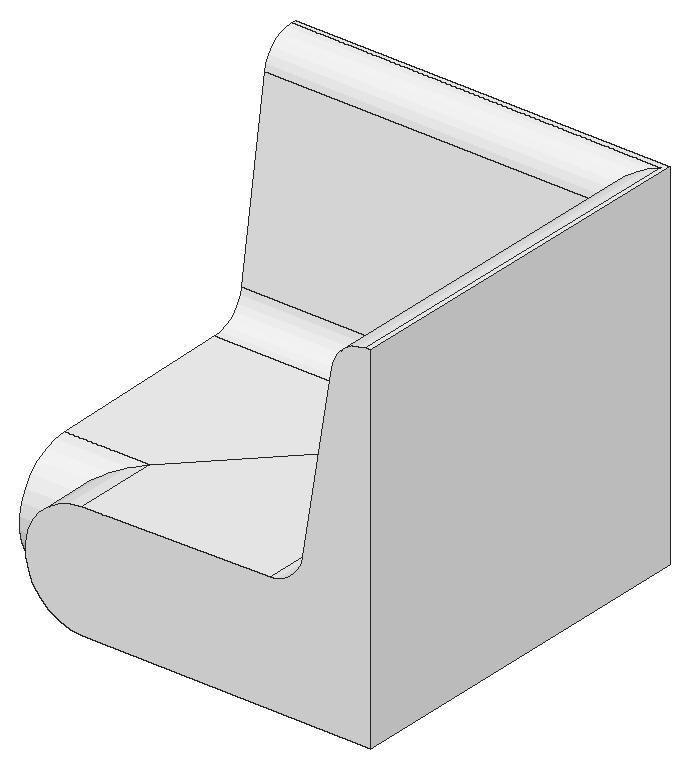
Revit family "NBS_wediSystemsUKLtd_Stng_SanoasaComoda_BenchCornerElement", category Furniture, Revit 2018
Family settings
  Work Plane-Based = No
  Always vertical = Yes
  Cut with Voids When Loaded = No
  Shared = No
  Room Calculation Point = No
Parameters (values of type "BenchCornerElement_Straight_90")
  WarrantyStartDate [instance] = "1900-12-31T23:59:59"
  WarrantyGuarantorParts = "n/a"
  WarrantyGuarantorLabor = "n/a"
  WarrantyDurationUnit = "year"
  WarrantyDurationParts = "n/a"
  WarrantyDurationLabor = "n/a"
  WarrantyDescription = "available on request"
  Version = "2"  # constant formula
  Uniclass2015Version = "Products v1.14"
  Uniclass2015Title = "Shower seats"
  Uniclass2015Code = "Pr_40_20_06_83"
  TagNumber [instance] = "n/a"
  SustainabilityPerformance = "n/a"
  Style = "Bench corner element 90°"
  Status = "UNSET"
  Size = "650 × 650 × 620 mm"
  Shape = "n/a"
  SerialNumber [instance] = "n/a"
  Revision = "n/a"
  ReplacementCost = "n/a"
  Reference = "n/a"
  ProductInformation = "https://www.wedi.de/en/products/design-line/benches-and-loungers/sanoasa-comoda/"
  NominalWidth = 650 mm
  NominalLength = 650 mm
  NominalHeight = 620 mm
  NominalDepth = 650 mm
  Name = "Seating_wediSanoasaComodaBenchCornerElement_wediSystemsLtd"
  NBSReference = "45-35-72/352"
  NBSDescription = "Seating"
  NBSCertification = "www.nationalbimlibrary.com/cert/1ienj0yu"
  ModelReference = "wedi Sanoasa Comoda"
  ModelNumber = "076447004"
  MaterialsSeat = "A waterproof extruded polystyrene rigid foam core with a special, resistant and glass fibre reinforced cement coating"
  MaterialsFrame = "A waterproof extruded polystyrene rigid foam core with a special, resistant and glass fibre reinforced cement coating"
  Material = "A waterproof extruded polystyrene rigid foam core with a special, resistant and glass fibre reinforced cement coating"
  ManufacturerURL = "https://www.wedi.de/uk/"
  ManufacturerName = "wedi Systems (UK) Ltd"  # constant formula
  Manufacturer = "technical@wedi.co.uk"
  MainColor = "Grey"
  IsBuiltIn = yes
  IntegralAccessories = "n/a"
  InstallationDate [instance] = "1900-12-31T23:59:59"
  IfcExportType = "SOFA"  # constant formula
  IfcExportAs = "IfcFurnitureType"  # constant formula
  Grade = "n/a"
  Form = "Practical wellness benches with modular construction"
  Finish = "resistant and glass fibre reinforced cement coating"
  Features = "Sanoasa Comoda benches are available in so many different designs, meaning that they can be built into almost any seating combination"
  ExpectedLife = "30"
  DurationUnit = "year"
  Description = "Sanoasa Comoda, bench corner element 90°, straight"
  Constituents = "n/a"
  Color = "Grey"
  CodePerformance = "n/a"
  Category = "Pr_40_20_06_83:Shower seats"
  BenchMaterial = NBS_Concept
  BarCode [instance] = "n/a"
  BIMObjectName = "NBS_wediSystemsUKLtd_Seating_SanoasaComoda_BenchCornerElement_Straight_90"
  Author = "NBS"  # constant formula
  AssetType = "Fixed"
  AssetIdentifier [instance] = "n/a"
  AccessibilityPerformance = "n/a"
Reference planes
  plane 1 "Center (Front/Back)": y = 0
  plane 2 "Bottom": z = 0
  plane 3 "Center (Left/Right)": x = 0
  plane 4 "Right": x = 650
  plane 5: y = -600
  plane 6 "Top": z = 620
  plane 7 "Front": y = -650
  plane 8: x = 50
Forms (mm)
  Sweep 1, solid, material "NBS_Concept" <- "BenchMaterial", detail levels medium+fine
    path origin (0, 0, 0) x (1, 0, 0) y (0, 1, 0)
      loop
        line (650, -650) -> (650, 0) -> (0, 0)
    profile origin (325, 0, 0) x (0, -1, 0) y (0, 0, 1)
      loop
        arc (67.761, 569.386) -> (47.467, 605.624) -> (8.5, 620) r 60
        line (8.5, 620) -> (0, 620) -> (0, 0) -> (500, 0)
        arc (500, 0) -> (599.996, 99.127) -> (501.745, 199.985) r 100
        line (501.745, 199.985) -> (175.566, 205.678)
        arc (175.566, 205.678) -> (137.25, 220.387) -> (117.352, 256.283) r 60
        line (117.352, 256.283) -> (67.761, 569.386)
  Sweep 2, solid, material "NBS_Concept" <- "BenchMaterial", detail levels coarse
    path origin (0, 0, 0) x (1, 0, 0) y (0, 1, 0)
      loop
        line (650, -650) -> (650, 0) -> (0, 0)
    profile origin (325, 0, 0) x (0, -1, 0) y (0, 0, 1)
      loop
        line (0, 620) -> (0, 0) -> (600, 0) -> (600, 198.27) -> (126.067, 206.542)
        arc (126.067, 206.542) -> (125.428, 206.787) -> (125.097, 207.386) r 1
        line (125.097, 207.386) -> (59.878, 619.156)
        arc (59.878, 619.156) -> (59.54, 619.76) -> (58.891, 620) r 1
        line (58.891, 620) -> (0, 620)
Lines and regions (mm)
  symbolic lines, detail levels medium+fine
    curve 1: line (0, -126, 0) -> (524, -126, 0)
    curve 2: line (-500, 0, 198.27) -> (500, 0, 198.27)
    curve 3: line (524, -126, 0) -> (524, -650, 0)
Dimensions and locks
  locked: plane 5 to plane 7 "Front" at 50
  locked: plane 7 "Front" to plane 1 "Center (Front/Back)" at 650
  locked: plane 3 "Center (Left/Right)" to plane 8 at 50
  locked: plane 3 "Center (Left/Right)" to plane 4 "Right" at 650
  aligned and locked: level to plane 2 "Bottom"
  aligned and locked: Sweep 1 sketch curve to plane 1 "Center (Front/Back)"
  aligned and locked: plane 4 "Right" to Sweep 1 sketch curve
  aligned and locked: plane 3 "Center (Left/Right)" to Sweep 1 sketch curve
  aligned and locked: plane 7 "Front" to Sweep 1 sketch curve
  aligned and locked: Sweep 2 sketch curve to plane 1 "Center (Front/Back)"
  aligned and locked: plane 4 "Right" to Sweep 2 sketch curve
  aligned and locked: plane 3 "Center (Left/Right)" to curve 1
  aligned and locked: plane 7 "Front" to curve 3
